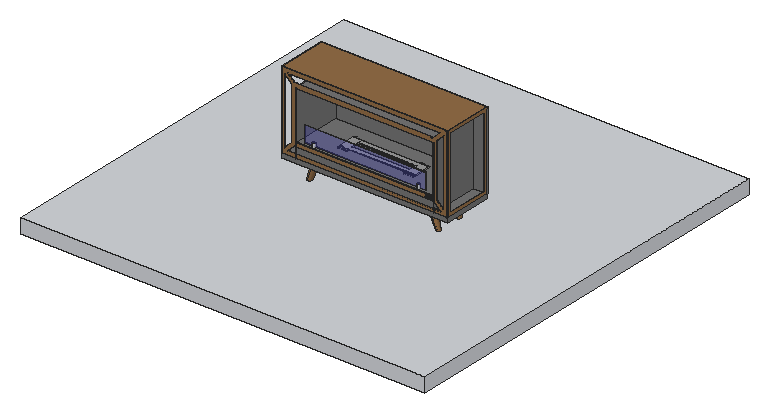
Revit family "Infire_Industrial", category Zabudowa, Revit 2018
Family settings
  Obiekt nadrzędny = Powierzchnia
  Numer OmniClass = 23.40.20.34.14
  Tytuł OmniClass = Fireplaces
  Tnij formami wycięć po wczytaniu = Nie
  Współdzielony = Nie
  Punkt obliczania pomieszczeń = Nie
Parameters (values of type "INDUSTRIAL")
  Wysokość szyby = 320 mm
  Wysokość = 470 mm
  Wymiary [instance] = "1000x470x300 mm"  # constant formula
  URL = "http://www.infire.pl/pl/produkty/industrial"
  Szkło = "Szyba hartowana 4 mm, przyciemniana"  # constant formula
  Szerokość szyby = 900 mm
  Szerokość paleniska = 300 mm
  Width = 1000 mm
  Płomień (wizualizacja) [instance] = no
  Producent = "INFIRE Biokominki"  # constant formula
  Palenisko [instance] = "500 mm = 1 l"  # constant formula
  Obraz typu = Infire_Industrial.jpg
  Montaż [instance] = "wolnostojący"  # constant formula
  Model = "INDUSTRIAL"  # constant formula
  Materiał (wkład) = INFIRE - czarny
  Materiał (szkło) = INFIRE - szkło
  Materiał (siatka) [instance] = INFIRE - siatka rdzawa
  Materiał (obudowa) = INFIRE - rdzawy
  Logo [instance] = yes
  Komentarze do typu = "Biokominek"  # constant formula
  IfcExportAs = "IfcSpaceHeaterType"  # constant formula
  Głębokość = 300 mm
  Gwarancja = "24 miesiące"  # constant formula
  Grubość paleniska = 140 mm
  Default Elevation = 1000 mm
  Czas spalania [instance] = "3-5 godzin"  # constant formula
Reference planes
  plane 1 "Środek (Przód/Tył)": y = 0
  plane 2: z = 0
  plane 3 "Środek (Lewa/Prawa)": x = 0
  plane 4 "C": x = -500
  plane 5 "D": x = 500
  plane 6: x = 380
  plane 7: x = -380
  plane 8: y = 40
  plane 9: y = -40
  plane 10: x = -320
  plane 11: x = 320
  plane 12: y = 55
  plane 13: y = -55
  plane 14: y = 59
  plane 15: y = 63
  plane 16: y = -59
  plane 17: y = -63
  plane 18: y = 67
  plane 19: y = -67
  plane 20: z = 0
  plane 21 "góra": z = 603.75
  plane 22 "b": y = 150
  plane 23 "a": y = -150
  plane 24: x = 415
  plane 25: x = -415
  plane 26: x = -230
  plane 27: x = 230
  plane 28: z = 370
  plane 29: z = 370
Forms (mm)
  Extrusion 1, solid
    sketch origin (0, 0, 0) x (1, 0, 0) y (0, 1, 0)
      loop
        line (-1219.2, 1219.2) -> (-1219.2, -1219.2) -> (1219.2, -1219.2) -> (1219.2, 1219.2) -> (-1219.2, 1219.2)
    from 0 to -87.5
  Extrusion 2, solid, material "INFIRE - czarny" <- "Materiał (wkład)", detail levels fine
    sketch origin (0, 0, 218.75) x (0, -1, 0) y (1, 0, 0)
      loop
        line (-40, -180) -> (40, -180) -> (40, 181.5) -> (-40, 181.5) -> (-40, -180)
      loop
        line (-55, -229.5) -> (-55, -170.5)
        arc (-55, -170.5) -> (-55.146, -170.146) -> (-55.5, -170) r 0.5
        line (-55.5, -170) -> (-58.5, -170)
        arc (-58.5, -170) -> (-58.854, -170.146) -> (-59, -170.5) r 0.5
        line (-59, -170.5) -> (-59, -229.5)
        arc (-59, -229.5) -> (-58.854, -229.854) -> (-58.5, -230) r 0.5
        line (-58.5, -230) -> (-55.5, -230)
        arc (-55.5, -230) -> (-55.146, -229.854) -> (-55, -229.5) r 0.5
      loop
        line (-63, -229.5) -> (-63, -170.5)
        arc (-63, -170.5) -> (-63.146, -170.146) -> (-63.5, -170) r 0.5
        line (-63.5, -170) -> (-66.5, -170)
        arc (-66.5, -170) -> (-66.854, -170.146) -> (-67, -170.5) r 0.5
        line (-67, -170.5) -> (-67, -229.5)
        arc (-67, -229.5) -> (-66.854, -229.854) -> (-66.5, -230) r 0.5
        line (-66.5, -230) -> (-63.5, -230)
        arc (-63.5, -230) -> (-63.146, -229.854) -> (-63, -229.5) r 0.5
      loop
        arc (55, -229.5) -> (55.146, -229.854) -> (55.5, -230) r 0.5
        line (55.5, -230) -> (58.5, -230)
        arc (58.5, -230) -> (58.854, -229.854) -> (59, -229.5) r 0.5
        line (59, -229.5) -> (59, -170.5)
        arc (59, -170.5) -> (58.854, -170.146) -> (58.5, -170) r 0.5
        line (58.5, -170) -> (55.5, -170)
        arc (55.5, -170) -> (55.146, -170.146) -> (55, -170.5) r 0.5
        line (55, -170.5) -> (55, -229.5)
      loop
        arc (63, -229.5) -> (63.146, -229.854) -> (63.5, -230) r 0.5
        line (63.5, -230) -> (66.5, -230)
        arc (66.5, -230) -> (66.854, -229.854) -> (67, -229.5) r 0.5
        line (67, -229.5) -> (67, -170.5)
        arc (67, -170.5) -> (66.854, -170.146) -> (66.5, -170) r 0.5
        line (66.5, -170) -> (63.5, -170)
        arc (63.5, -170) -> (63.146, -170.146) -> (63, -170.5) r 0.5
        line (63, -170.5) -> (63, -229.5)
      loop
        line (148.5, 415) -> (-148.5, 415) -> (-148.5, -415) -> (148.5, -415) -> (148.5, 415)
      loop
        arc (-55, 229.5) -> (-55.146, 229.854) -> (-55.5, 230) r 0.5
        line (-55.5, 230) -> (-58.5, 230)
        arc (-58.5, 230) -> (-58.854, 229.854) -> (-59, 229.5) r 0.5
        line (-59, 229.5) -> (-59, 170.5)
        arc (-59, 170.5) -> (-58.854, 170.146) -> (-58.5, 170) r 0.5
        line (-58.5, 170) -> (-55.5, 170)
        arc (-55.5, 170) -> (-55.146, 170.146) -> (-55, 170.5) r 0.5
        line (-55, 170.5) -> (-55, 229.5)
      loop
        arc (-63, 229.5) -> (-63.146, 229.854) -> (-63.5, 230) r 0.5
        line (-63.5, 230) -> (-66.5, 230)
        arc (-66.5, 230) -> (-66.854, 229.854) -> (-67, 229.5) r 0.5
        line (-67, 229.5) -> (-67, 170.5)
        arc (-67, 170.5) -> (-66.854, 170.146) -> (-66.5, 170) r 0.5
        line (-66.5, 170) -> (-63.5, 170)
        arc (-63.5, 170) -> (-63.146, 170.146) -> (-63, 170.5) r 0.5
        line (-63, 170.5) -> (-63, 229.5)
      loop
        line (55, 229.5) -> (55, 170.5)
        arc (55, 170.5) -> (55.146, 170.146) -> (55.5, 170) r 0.5
        line (55.5, 170) -> (58.5, 170)
        arc (58.5, 170) -> (58.854, 170.146) -> (59, 170.5) r 0.5
        line (59, 170.5) -> (59, 229.5)
        arc (59, 229.5) -> (58.854, 229.854) -> (58.5, 230) r 0.5
        line (58.5, 230) -> (55.5, 230)
        arc (55.5, 230) -> (55.146, 229.854) -> (55, 229.5) r 0.5
      loop
        line (63, 229.5) -> (63, 170.5)
        arc (63, 170.5) -> (63.146, 170.146) -> (63.5, 170) r 0.5
        line (63.5, 170) -> (66.5, 170)
        arc (66.5, 170) -> (66.854, 170.146) -> (67, 170.5) r 0.5
        line (67, 170.5) -> (67, 229.5)
        arc (67, 229.5) -> (66.854, 229.854) -> (66.5, 230) r 0.5
        line (66.5, 230) -> (63.5, 230)
        arc (63.5, 230) -> (63.146, 229.854) -> (63, 229.5) r 0.5
    from 0 to 4
  Extrusion 3, solid, material "INFIRE - czarny" <- "Materiał (wkład)", detail levels medium
    sketch origin (0, 0, 218.75) x (0, -1, 0) y (1, 0, 0)
      loop
        line (148.5, 415) -> (-148.5, 415) -> (-148.5, -415) -> (148.5, -415) -> (148.5, 415)
    from 0 to 4
  Extrusion 4, solid, material "INFIRE - rdzawy" <- "Materiał (obudowa)", detail levels medium
    sketch origin (0, -150, 0) x (1, 0, 0) y (0, 0, 1)
      loop
        line (500, 606.25) -> (-500, 606.25) -> (-500, 133.75) -> (500, 133.75) -> (500, 606.25)
      loop
        line (415, 218.75) -> (415, 518.75) -> (-415, 518.75) -> (-415, 218.75) -> (415, 218.75)
    from 0 to -1.5
  Extrusion 5, solid, material "INFIRE - rdzawy" <- "Materiał (obudowa)", detail levels medium
    sketch origin (-500, 0, 0) x (0, 1, 0) y (0, 0, 1)
      loop
        line (-150, 603.75) -> (-150, 133.75) -> (150, 133.75) -> (150, 603.75) -> (-150, 603.75)
    from 0 to 1.5
  Extrusion 6, solid, material "INFIRE - rdzawy" <- "Materiał (obudowa)", detail levels medium
    sketch origin (500, 0, 0) x (0, 1, 0) y (0, 0, 1)
      loop
        line (-150, 603.75) -> (-150, 133.75) -> (150, 133.75) -> (150, 603.75) -> (-150, 603.75)
    from -1.5 to 0
  Extrusion 7, solid, material "INFIRE - rdzawy" <- "Materiał (obudowa)", detail levels coarse
    sketch origin (0, 0, 9) x (0, 1, 0) y (-1, 0, 0)
      loop
        line (150, -500) -> (150, 500) -> (-150, 500) -> (-150, -500) -> (150, -500)
    from -9 to 597.25
  Blend 8, solid, material "INFIRE - rdzawy" <- "Materiał (obudowa)", detail levels medium+fine
    base sketch origin (0, 0, 9) x (0, 1, 0) y (-1, 0, 0)
      loop
        circle (-76.948, 387.627) r 12.5
    top sketch origin (0, 0, 9) x (0, 1, 0) y (-1, 0, 0)
      loop
        circle (-76.948, 350.354) r 20
    from -9 to 99.749
  Blend 9, solid, material "INFIRE - rdzawy" <- "Materiał (obudowa)", detail levels medium+fine
    base sketch origin (0, 0, 9) x (0, -1, 0) y (1, 0, 0)
      loop
        circle (-76.948, -387.627) r 12.5
    top sketch origin (0, 0, 9) x (0, -1, 0) y (1, 0, 0)
      loop
        circle (-76.948, -350.354) r 20
    from -9 to 99.749
  Blend 10, solid, material "INFIRE - rdzawy" <- "Materiał (obudowa)", detail levels medium+fine
    base sketch origin (0, 0, 9) x (0, 1, 0) y (-1, 0, 0)
      loop
        circle (-76.948, -387.627) r 12.5
    top sketch origin (0, 0, 9) x (0, 1, 0) y (-1, 0, 0)
      loop
        circle (-76.948, -350.354) r 20
    from -9 to 99.749
  Blend 11, solid, material "INFIRE - rdzawy" <- "Materiał (obudowa)", detail levels medium+fine
    base sketch origin (0, 0, 9) x (0, -1, 0) y (1, 0, 0)
      loop
        circle (-76.948, 387.627) r 12.5
    top sketch origin (0, 0, 9) x (0, -1, 0) y (1, 0, 0)
      loop
        circle (-76.948, 350.354) r 20
    from -9 to 99.749
  Extrusion 12, solid, material "INFIRE - czarny" <- "Materiał (wkład)", detail levels medium+fine
    sketch origin (0, 0, 108.749) x (-1, 0, 0) y (0, -1, 0)
      loop
        line (500, -150) -> (500, 150) -> (-500, 150) -> (-500, -150) -> (500, -150)
    from 0 to 25.001
  Extrusion 13, solid, material "INFIRE - czarny" <- "Materiał (wkład)", detail levels medium+fine
    sketch origin (0, 150, 0) x (1, 0, 0) y (0, 0, 1)
      loop
        line (-500, 603.75) -> (-500, 133.75) -> (500, 133.75) -> (500, 603.75) -> (-500, 603.75)
    from 0 to -1.5
  Extrusion 14, solid, material "INFIRE - rdzawy" <- "Materiał (obudowa)", detail levels medium+fine
    sketch origin (0, 0, 603.75) x (0, -1, 0) y (1, 0, 0)
      loop
        line (-150, -500) -> (150, -500) -> (150, 500) -> (-150, 500) -> (-150, -500)
    from 0 to 1.5
  Extrusion 15, solid, material "INFIRE - szkło" <- "Materiał (szkło)", detail levels medium+fine
    sketch origin (0, 45, 218.75) x (0, -1, 0) y (1, 0, 0)
      loop
        line (185, 365) -> (180, 365) -> (180, -365) -> (185, -365) -> (185, 365)
    from 9 to 109
  Extrusion 16, solid, material "INFIRE - czarny" <- "Materiał (wkład)", detail levels medium+fine
    sketch origin (0, 150, 0) x (1, 0, 0) y (0, 0, 1)
      loop
        line (415, 518.75) -> (415, 133.75) -> (416.5, 133.75) -> (416.5, 518.75) -> (415, 518.75)
      loop
        line (-416.5, 518.75) -> (-416.5, 133.75) -> (-415, 133.75) -> (-415, 518.75) -> (-416.5, 518.75)
    from 0 to 298.5
  Extrusion 17, solid, material "INFIRE - czarny" <- "Materiał (wkład)", detail levels medium+fine
    sketch origin (0, 150, 0) x (1, 0, 0) y (0, 0, 1)
      loop
        line (-415, 518.75) -> (415, 518.75) -> (415, 520.25) -> (-415, 520.25) -> (-415, 518.75)
    from 0 to 298.5
  Extrusion 18, solid, material "INFIRE - rdzawy" <- "Materiał (obudowa)", detail levels medium
    sketch origin (0, -150, 0) x (1, 0, 0) y (0, 0, 1)
      loop
        line (500, 606.25) -> (-500, 606.25) -> (-500, 133.75) -> (500, 133.75) -> (500, 606.25)
      loop
        line (415, 218.75) -> (415, 518.75) -> (-415, 518.75) -> (-415, 218.75) -> (415, 218.75)
    from 0 to -1.5
  Extrusion 19, solid, material "INFIRE - siatka rdzawa" <- "Materiał (siatka)", detail levels fine
    sketch origin (0, -150, 0) x (1, 0, 0) y (0, 0, 1)
      loop
        line (-479, 571.108) -> (-479, 168.892) -> (-436, 211.892) -> (-436, 528.108) -> (-479, 571.108)
      loop
        line (-419.358, 539.75) -> (419.358, 539.75) -> (462.358, 582.75) -> (-462.358, 582.75) -> (-419.358, 539.75)
      loop
        line (479, 168.892) -> (479, 571.108) -> (436, 528.108) -> (436, 211.892) -> (479, 168.892)
      loop
        line (-419.358, 200.25) -> (-462.358, 157.25) -> (462.358, 157.25) -> (419.358, 200.25) -> (-419.358, 200.25)
    from 0 to -1.5
  Extrusion 20, solid, material "INFIRE - rdzawy" <- "Materiał (obudowa)", detail levels fine
    sketch origin (0, -150, 0) x (1, 0, 0) y (0, 0, 1)
      loop
        line (-479, 571.108) -> (-479, 168.892) -> (-436, 211.892) -> (-436, 528.108) -> (-479, 571.108)
      loop
        line (-419.358, 539.75) -> (419.358, 539.75) -> (462.358, 582.75) -> (-462.358, 582.75) -> (-419.358, 539.75)
      loop
        line (479, 168.892) -> (479, 571.108) -> (436, 528.108) -> (436, 211.892) -> (479, 168.892)
      loop
        line (-419.358, 200.25) -> (-462.358, 157.25) -> (462.358, 157.25) -> (419.358, 200.25) -> (-419.358, 200.25)
      loop
        line (-415, 218.75) -> (415, 218.75) -> (415, 518.75) -> (-415, 518.75) -> (-415, 218.75)
      loop
        line (-500, 603.75) -> (-500, 133.75) -> (500, 133.75) -> (500, 603.75) -> (-500, 603.75)
    from 0 to -1.5
  Extrusion 21, solid, material "INFIRE - rdzawy" <- "Materiał (obudowa)", detail levels fine
    sketch origin (500, 0, 0) x (0, 1, 0) y (0, 0, 1)
      loop
        line (-150, 603.75) -> (-150, 133.75) -> (150, 133.75) -> (150, 603.75) -> (-150, 603.75)
      loop
        line (129, 154.75) -> (129, 584.25) -> (-130.5, 584.25) -> (-130.5, 154.75) -> (129, 154.75)
    from -1.5 to 0
  Extrusion 22, solid, material "INFIRE - siatka rdzawa" <- "Materiał (siatka)", detail levels fine
    sketch origin (500, 0, 0) x (0, 1, 0) y (0, 0, 1)
      loop
        line (129, 154.75) -> (129, 584.25) -> (-130.5, 584.25) -> (-130.5, 154.75) -> (129, 154.75)
    from -1.5 to 0
  Extrusion 23, solid, material "INFIRE - rdzawy" <- "Materiał (obudowa)", detail levels fine
    sketch origin (-500, 0, 0) x (0, 1, 0) y (0, 0, 1)
      loop
        line (-150, 603.75) -> (-150, 133.75) -> (150, 133.75) -> (150, 603.75) -> (-150, 603.75)
      loop
        line (-130.5, 584.25) -> (-130.5, 154.75) -> (129, 154.75) -> (129, 584.25) -> (-130.5, 584.25)
    from 0 to 1.5
  Extrusion 24, solid, material "INFIRE - siatka rdzawa" <- "Materiał (siatka)", detail levels fine
    sketch origin (-500, 0, 0) x (0, 1, 0) y (0, 0, 1)
      loop
        line (-130.5, 584.25) -> (-130.5, 154.75) -> (129, 154.75) -> (129, 584.25) -> (-130.5, 584.25)
    from 0 to 1.5
  Extrusion 25, solid, material "INFIRE - czarny" <- "Materiał (wkład)", detail levels medium+fine
    sketch origin (0, -150, 0) x (1, 0, 0) y (0, 0, 1)
      loop
        line (-415, 218.75) -> (-415, 133.75) -> (415, 133.75) -> (415, 218.75) -> (-415, 218.75)
    from -1.5 to -3
Dimensions and locks
  locked: plane 4 "C" to plane 7 at 120
  locked: plane 6 to plane 5 "D" at 120
  locked: plane 7 to plane 10 at 60
  locked: plane 11 to plane 6 at 60
  locked: plane 12 to plane 8 at 15
  locked: plane 9 to plane 13 at 15
  plane 15 to plane 14 to plane 12 = 4 mm locked, 4 mm locked
  plane 13 to plane 16 to plane 17 = 4 mm locked, 4 mm locked
  locked: plane 17 to plane 19 at 4
  locked: plane 18 to plane 15 at 4
  plane 4 "C" to plane 5 "D" = 1000 mm
  plane 4 "C" to plane 3 "Środek (Lewa/Prawa)" to plane 5 "D" = 500 mm, 500 mm
  plane 23 "a" to plane 22 "b" = 300 mm
  equal spacing: plane 23 "a", plane 1 "Środek (Przód/Tył)", plane 22 "b"
  plane 24 to plane 5 "D" = 85 mm
  plane 4 "C" to plane 25 = 85 mm
  plane 26 to plane 3 "Środek (Lewa/Prawa)" = 230 mm
  plane 3 "Środek (Lewa/Prawa)" to plane 27 = 230 mm
  Extrusion 4 to Extrusion 25 = 915 mm
  aligned and locked: plane 2 to Extrusion 1
  aligned and locked: level to Extrusion 1
  aligned and locked: Extrusion 2 sketch curve to plane 8
  aligned and locked: plane 9 to Extrusion 2 sketch curve
  aligned and locked: Extrusion 2 sketch curve to plane 12
  aligned and locked: Extrusion 2 sketch curve to plane 14
  aligned and locked: Extrusion 2 sketch curve to plane 18
  aligned and locked: Extrusion 2 sketch curve to plane 15
  aligned and locked: Extrusion 2 sketch curve to plane 13
  aligned and locked: Extrusion 2 sketch curve to plane 16
  aligned and locked: Extrusion 2 sketch curve to plane 17
  aligned and locked: Extrusion 2 sketch curve to plane 19
  aligned and locked: Extrusion 7 sketch curve to Extrusion 6
  aligned and locked: plane 24 to nested 5
  aligned and locked: nested 1 to plane 1 "Środek (Przód/Tył)"
  aligned and locked: plane 3 "Środek (Lewa/Prawa)" to nested 1
Automatic sketch dimensions
  Extrusion 1 sketch curve to Extrusion 1 sketch curve = 2438.4 mm  (x2)
  Extrusion 2 sketch curve to plane 18 = 0 mm
  Extrusion 2 sketch curve to plane 15 = 0 mm
  Extrusion 2 sketch curve to plane 14 = 0 mm  (x2)
  Extrusion 2 sketch curve to plane 12 = 0 mm
  Extrusion 2 sketch curve to plane 13 = 0 mm
  Extrusion 2 sketch curve to plane 16 = 0 mm
  Extrusion 2 sketch curve to plane 17 = 0 mm
  Extrusion 2 sketch curve to plane 19 = 0 mm
  plane 22 "b" to Extrusion 2 sketch curve = 1.5 mm
  Extrusion 2 sketch curve to plane 18 = 0.5 mm  (x4)
  plane 15 to Extrusion 2 sketch curve = 0.5 mm  (x3)
  Extrusion 2 sketch curve to Extrusion 2 sketch curve = 0.5 mm  (x18)
  Extrusion 2 sketch curve to plane 14 = 0.5 mm  (x3)
  plane 12 to Extrusion 2 sketch curve = 0.5 mm
  Extrusion 2 sketch curve to plane 13 = 0.5 mm  (x3)
  plane 16 to Extrusion 2 sketch curve = 0.5 mm
  Extrusion 2 sketch curve to plane 17 = 0.5 mm  (x2)
  plane 19 to Extrusion 2 sketch curve = 0.5 mm  (x2)
  Extrusion 2 sketch curve to plane 23 "a" = 1.5 mm
  Extrusion 2 sketch curve to plane 10 = 95 mm
  plane 10 to Extrusion 2 sketch curve = 90 mm  (x2)
  Extrusion 2 sketch curve to Extrusion 2 sketch curve = 49.5 mm
  Extrusion 2 sketch curve to Extrusion 2 sketch curve = 9.5 mm  (x2)
  Extrusion 2 sketch curve to Extrusion 2 sketch curve = 0 mm  (x4)
  Extrusion 2 sketch curve to plane 11 = 150 mm
  Extrusion 2 sketch curve to Extrusion 2 sketch curve = 11 mm
  Extrusion 2 sketch curve to Extrusion 2 sketch curve = 48 mm  (x2)
  plane 11 to Extrusion 2 sketch curve = 95 mm
  plane 22 "b" to Extrusion 3 sketch curve = 1.5 mm
  Extrusion 3 sketch curve to plane 23 "a" = 1.5 mm
  Extrusion 4 sketch curve to plane 4 "C" = 0 mm
  Extrusion 4 sketch curve to plane 5 "D" = 0 mm
  plane 21 "góra" to Extrusion 4 sketch curve = 85 mm
  Extrusion 4 sketch curve to plane 21 "góra" = 2.5 mm
  Extrusion 5 sketch curve to plane 23 "a" = 0 mm
  plane 21 "góra" to Extrusion 5 sketch curve = 0 mm
  Extrusion 5 sketch curve to plane 22 "b" = 0 mm
  Extrusion 6 sketch curve to plane 23 "a" = 0 mm
  plane 21 "góra" to Extrusion 6 sketch curve = 0 mm
  Extrusion 6 sketch curve to plane 22 "b" = 0 mm
  plane 23 "a" to Extrusion 7 sketch curve = 0 mm
  plane 22 "b" to Extrusion 7 sketch curve = 0 mm
  Extrusion 7 sketch curve to plane 4 "C" = 0 mm
  plane 22 "b" to Blend 9 sketch curve = 73.052 mm  (x2)
  plane 22 "b" to Blend 11 sketch curve = 73.052 mm  (x2)
  Extrusion 12 sketch curve to plane 5 "D" = 0 mm
  Extrusion 12 sketch curve to plane 4 "C" = 0 mm
  plane 22 "b" to Extrusion 12 sketch curve = 0 mm
  plane 23 "a" to Extrusion 12 sketch curve = 0 mm
  Extrusion 13 sketch curve to plane 4 "C" = 0 mm
  Extrusion 13 sketch curve to plane 5 "D" = 0 mm
  Extrusion 13 sketch curve to plane 21 "góra" = 0 mm
  Extrusion 14 sketch curve to plane 5 "D" = 0 mm
  plane 22 "b" to Extrusion 14 sketch curve = 0 mm
  Extrusion 14 sketch curve to plane 4 "C" = 0 mm
  plane 23 "a" to Extrusion 14 sketch curve = 0 mm
  Extrusion 15 sketch curve to Extrusion 15 sketch curve = 5 mm
  plane 21 "góra" to Extrusion 17 sketch curve = 83.5 mm
  Extrusion 17 sketch curve to Extrusion 17 sketch curve = 1.5 mm
  Extrusion 17 sketch curve to plane 24 = 0 mm
  Extrusion 17 sketch curve to plane 25 = 0 mm
  Extrusion 18 sketch curve to plane 4 "C" = 0 mm
  Extrusion 18 sketch curve to plane 25 = 0 mm
  Extrusion 18 sketch curve to plane 24 = 0 mm
  Extrusion 18 sketch curve to plane 5 "D" = 0 mm
  plane 21 "góra" to Extrusion 18 sketch curve = 85 mm
  Extrusion 18 sketch curve to plane 21 "góra" = 2.5 mm
  plane 4 "C" to Extrusion 19 sketch curve = 21 mm
  Extrusion 19 sketch curve to Extrusion 19 sketch curve = 16.642 mm  (x4)
  Extrusion 19 sketch curve to plane 25 = 21 mm
  Extrusion 19 sketch curve to plane 25 = 4.358 mm  (x2)
  plane 24 to Extrusion 19 sketch curve = 4.358 mm  (x2)
  Extrusion 19 sketch curve to plane 5 "D" = 37.642 mm  (x2)
  Extrusion 19 sketch curve to Extrusion 19 sketch curve = 11.642 mm  (x5)
  plane 21 "góra" to Extrusion 19 sketch curve = 75.642 mm  (x2)
  plane 21 "góra" to Extrusion 19 sketch curve = 32.642 mm  (x2)
  plane 4 "C" to Extrusion 20 sketch curve = 21 mm
  Extrusion 20 sketch curve to Extrusion 20 sketch curve = 16.642 mm  (x4)
  Extrusion 20 sketch curve to plane 25 = 21 mm
  Extrusion 20 sketch curve to plane 25 = 4.358 mm  (x2)
  plane 24 to Extrusion 20 sketch curve = 4.358 mm  (x2)
  Extrusion 20 sketch curve to plane 5 "D" = 37.642 mm  (x2)
  Extrusion 20 sketch curve to Extrusion 20 sketch curve = 11.642 mm  (x4)
  plane 21 "góra" to Extrusion 20 sketch curve = 75.642 mm  (x2)
  plane 21 "góra" to Extrusion 20 sketch curve = 32.642 mm  (x2)
  Extrusion 20 sketch curve to plane 4 "C" = 0 mm
  Extrusion 20 sketch curve to plane 25 = 0 mm
  Extrusion 20 sketch curve to plane 5 "D" = 0 mm
  Extrusion 20 sketch curve to plane 21 "góra" = 0 mm
  Extrusion 20 sketch curve to Extrusion 20 sketch curve = 21 mm
  Extrusion 20 sketch curve to plane 24 = 0 mm
  Extrusion 21 sketch curve to plane 23 "a" = 0 mm
  plane 21 "góra" to Extrusion 21 sketch curve = 0 mm
  Extrusion 21 sketch curve to plane 22 "b" = 0 mm
  plane 22 "b" to Extrusion 21 sketch curve = 21 mm
  plane 21 "góra" to Extrusion 21 sketch curve = 19.5 mm
  plane 22 "b" to Extrusion 22 sketch curve = 21 mm
  plane 21 "góra" to Extrusion 22 sketch curve = 19.5 mm
  Extrusion 23 sketch curve to plane 23 "a" = 0 mm
  Extrusion 23 sketch curve to plane 22 "b" = 0 mm
  Extrusion 23 sketch curve to Extrusion 23 sketch curve = 19.5 mm
  plane 21 "góra" to Extrusion 23 sketch curve = 0 mm
  plane 22 "b" to Extrusion 23 sketch curve = 21 mm
  plane 22 "b" to Extrusion 24 sketch curve = 21 mm
  plane 21 "góra" to Extrusion 24 sketch curve = 19.5 mm
  Extrusion 16 sketch curve to plane 25 = 0 mm
  Extrusion 16 sketch curve to plane 24 = 0 mm
  Extrusion 16 sketch curve to Extrusion 16 sketch curve = 1.5 mm
  plane 21 "góra" to Extrusion 16 sketch curve = 85 mm  (x2)
  plane 24 to Extrusion 16 sketch curve = 1.5 mm
  Extrusion 25 sketch curve to plane 25 = 0 mm
  Extrusion 25 sketch curve to plane 24 = 0 mm
  Extrusion 3 sketch curve to plane 25 = 0 mm
  Extrusion 3 sketch curve to plane 24 = 0 mm
  Extrusion 4 sketch curve to plane 25 = 0 mm
  Extrusion 4 sketch curve to plane 24 = 0 mm
  plane 25 to Blend 8 sketch curve = 27.373 mm
  plane 25 to Blend 8 sketch curve = 64.646 mm
  plane 25 to Blend 9 sketch curve = 27.373 mm
  plane 25 to Blend 9 sketch curve = 64.646 mm
  Blend 10 sketch curve to plane 24 = 27.373 mm
  Blend 10 sketch curve to plane 24 = 64.646 mm
  Blend 11 sketch curve to plane 24 = 27.373 mm
  Blend 11 sketch curve to plane 24 = 64.646 mm
  plane 25 to Extrusion 15 sketch curve = 50 mm
  Extrusion 15 sketch curve to plane 24 = 50 mm
  Blend 8 sketch curve to plane 23 "a" = 73.052 mm  (x2)
  Blend 10 sketch curve to plane 23 "a" = 73.052 mm  (x2)
  Extrusion 15 sketch curve to plane 23 "a" = 15 mm
  Extrusion 21 sketch curve to plane 23 "a" = 19.5 mm
  Extrusion 22 sketch curve to plane 23 "a" = 19.5 mm
  Extrusion 23 sketch curve to plane 23 "a" = 19.5 mm
  Extrusion 24 sketch curve to plane 23 "a" = 19.5 mm
  level to Extrusion 4 sketch curve = 218.75 mm
  Extrusion 4 sketch curve to Extrusion 4 sketch curve = 85 mm
  level to Extrusion 5 sketch curve = 133.75 mm
  level to Extrusion 6 sketch curve = 133.75 mm
  level to Extrusion 13 sketch curve = 133.75 mm
  level to Extrusion 16 sketch curve = 133.75 mm  (x2)
  level to Extrusion 18 sketch curve = 218.75 mm
  Extrusion 18 sketch curve to Extrusion 18 sketch curve = 85 mm
  plane 28 to Extrusion 19 sketch curve = 158.108 mm  (x2)
  Extrusion 19 sketch curve to Extrusion 19 sketch curve = 43 mm
  plane 29 to Extrusion 20 sketch curve = 151.25 mm
  Extrusion 20 sketch curve to Extrusion 20 sketch curve = 6.858 mm  (x2)
  Extrusion 20 sketch curve to Extrusion 20 sketch curve = 18.5 mm
  Extrusion 20 sketch curve to Extrusion 20 sketch curve = 43 mm
  Extrusion 20 sketch curve to Extrusion 20 sketch curve = 35.142 mm
  level to Extrusion 21 sketch curve = 154.75 mm
  Extrusion 21 sketch curve to Extrusion 21 sketch curve = 21 mm
  level to Extrusion 22 sketch curve = 154.75 mm
  level to Extrusion 23 sketch curve = 154.75 mm
  Extrusion 23 sketch curve to Extrusion 23 sketch curve = 21 mm
  level to Extrusion 24 sketch curve = 154.75 mm
  level to Extrusion 25 sketch curve = 133.75 mm
  Extrusion 25 sketch curve to Extrusion 25 sketch curve = 85 mm
  radius of Blend 8 sketch curve = 12.5 mm
  radius of Blend 8 sketch curve = 20 mm
  radius of Blend 9 sketch curve = 12.5 mm
  radius of Blend 9 sketch curve = 20 mm
  radius of Blend 10 sketch curve = 12.5 mm
  radius of Blend 10 sketch curve = 20 mm
  radius of Blend 11 sketch curve = 12.5 mm
  radius of Blend 11 sketch curve = 20 mm
Nested families
  nested 1: "Oznaczenie na rzucie" at (0, -150, 9), B <- "Głębokość", type "Oznaczenie na rzucie"
    with B 300 mm, A 1000 mm
  nested 2: "Infire_Mocowanie 2" at (-315, -137.5, 222.75) x (0, -1, 0) z (0, 0, 1), Materiał <- "Materiał (obudowa)", type "Infire_Mocowanie 2", detail levels fine
    with Materiał INFIRE - rdzawy
  nested 3: "Infire_Mocowanie 2" at (315, -137.5, 222.75) x (0, -1, 0) z (0, 0, 1), Materiał <- "Materiał (obudowa)", type "Infire_Mocowanie 2", detail levels fine
    with Materiał INFIRE - rdzawy
  nested 4: "Infire_Palnik 1" at (0, 0, 222.75), Wizualizacja <- "Płomień (wizualizacja)", type "Infire_Palnik 1", detail levels medium+fine
    with Wizualizacja no, Szerokość 460 mm, Materiał INFIRE - stal, Głębokość 100 mm
  nested 5: "Infire_logo" at (391.375, -150, 208.75) x (1, 0, 0) z (0, -1, 0), visible <- "Logo", type "Infire_logo", detail levels medium+fine
Definition of nested family "Infire_Mocowanie 2"
  Parameters (values of type "Mocowanie 2")
    Materiał [instance] = none
    Default Elevation = 1219.2 mm
  Reference planes
    plane 1 "Środek (Przód/Tył)": y = 0
    plane 2: z = 0
    plane 3 "Środek (Lewa/Prawa)": x = 0
    plane 4: z = 5
    plane 5: z = 25
    plane 6: z = 12.5
  Forms (mm)
    Extrusion 1, solid
      sketch origin (0, 0, 0) x (1, 0, 0) y (0, 1, 0)
        loop
          line (-1219.2, 1219.2) -> (-1219.2, -1219.2) -> (1219.2, -1219.2) -> (1219.2, 1219.2) -> (-1219.2, 1219.2)
      from 0 to -304.8
    Extrusion 2, solid
      sketch origin (0, 0, 0) x (1, 0, 0) y (0, 1, 0)
        loop
          circle (0, 0) r 7.5
        loop
          circle (0, 0) r 1.5
      from 0 to 25
    Extrusion 3, void
      sketch origin (0, 0, 0) x (1, 0, 0) y (0, 1, 0)
        loop
          arc (2.5, 7.071) -> (0, 7.5) -> (-2.5, 7.071) r 7.5
          line (-2.5, 7.071) -> (-2.5, -7.071)
          arc (-2.5, -7.071) -> (0, -7.5) -> (2.5, -7.071) r 7.5
          line (2.5, -7.071) -> (2.5, 7.071)
      from 5 to 25
  Cuts and joins
    Extrusion 3 cuts Extrusion 2
  Dimensions and locks
    locked: plane 4 to level at 5
    equal spacing: plane 5, plane 6, level
    aligned and locked: plane 2 to Extrusion 1
    aligned and locked: level to Extrusion 1
  Automatic sketch dimensions
    Extrusion 1 sketch curve to Extrusion 1 sketch curve = 2438.4 mm  (x2)
    Extrusion 2 sketch curve to Extrusion 2 sketch curve = 0 mm  (x2)
    plane 1 "Środek (Przód/Tył)" to Extrusion 2 sketch curve = 0 mm
    Extrusion 2 sketch curve to plane 3 "Środek (Lewa/Prawa)" = 0 mm
    Extrusion 3 sketch curve to Extrusion 3 sketch curve = 0 mm  (x2)
    plane 1 "Środek (Przód/Tył)" to Extrusion 3 sketch curve = 0 mm
    Extrusion 3 sketch curve to plane 3 "Środek (Lewa/Prawa)" = 0 mm
    Extrusion 3 sketch curve to plane 3 "Środek (Lewa/Prawa)" = 2.5 mm
    plane 3 "Środek (Lewa/Prawa)" to Extrusion 3 sketch curve = 2.5 mm
    plane 1 "Środek (Przód/Tył)" to Extrusion 3 sketch curve = 7.071 mm
    Extrusion 3 sketch curve to plane 1 "Środek (Przód/Tył)" = 7.071 mm
    radius of Extrusion 2 sketch curve = 7.5 mm
    radius of Extrusion 2 sketch curve = 1.5 mm
Definition of nested family "Infire_Palnik 1"
  Parameters (values of type "Infire_Palnik 1")
    Wizualizacja [instance] = yes
    Szerokość [instance] = 295 mm
    Materiał [instance] = none
    Głębokość 2 = 147 mm
    Głębokość [instance] = 147 mm
    Default Elevation = 1219.2 mm
  Reference planes
    plane 1 "Środek (Przód/Tył)": y = 0
    plane 2: z = 0
    plane 3 "Środek (Lewa/Prawa)": x = 0
    plane 4: x = -147.5
    plane 5: x = 147.5
    plane 6: y = 73.5
    plane 7: y = -73.5
    plane 8: x = 37.5
    plane 9: x = -37.5
    plane 10: y = -25
    plane 11 "-1": z = -15
  Forms (mm)
    Extrusion 1, solid
      sketch origin (0, 0, 0) x (1, 0, 0) y (0, 1, 0)
        loop
          line (-1219.2, 1219.2) -> (-1219.2, -1219.2) -> (1219.2, -1219.2) -> (1219.2, 1219.2) -> (-1219.2, 1219.2)
      from 0 to -13.5
    Extrusion 2, solid, material <- "Materiał", detail levels fine
      sketch origin (0, 0, 0) x (1, 0, 0) y (0, 1, 0)
        loop
          line (147.5, -73.5) -> (147.5, 73.5) -> (-147.5, 73.5) -> (-147.5, -73.5) -> (147.5, -73.5)
        loop
          line (-92.5, -25) -> (92.5, -25) -> (92.5, 25) -> (-92.5, 25) -> (-92.5, -25)
      from 0 to 4
    Extrusion 3, solid, material <- "Materiał", detail levels medium
      sketch origin (0, 0, 0) x (1, 0, 0) y (0, 1, 0)
        loop
          line (147.5, -73.5) -> (147.5, 73.5) -> (-147.5, 73.5) -> (-147.5, -73.5) -> (147.5, -73.5)
      from 0 to 4
    Extrusion 4, solid, visible <- "Wizualizacja"
      sketch origin (0, 0, 0) x (1, 0, 0) y (0, 1, 0)
        loop
          line (92.5, -25) -> (92.5, -20) -> (-92.5, -20) -> (-92.5, -25) -> (92.5, -25)
      from 0 to 73.802
    Extrusion 5, void
      sketch origin (0, 0, -15) x (0, 1, 0) y (-1, 0, 0)
        loop
          line (-25, 92.5) -> (-25, -92.5) -> (25, -92.5) -> (25, 92.5) -> (-25, 92.5)
      from 0 to 15
  Dimensions and locks
    equal spacing: plane 4, plane 3 "Środek (Lewa/Prawa)", plane 5
    "Szerokość": plane 4 to plane 5
    locked: plane 4 to Extrusion 2 sketch curve at 55
    locked: Extrusion 2 sketch curve to plane 5 at 55
    locked: plane 8 to plane 5 at 110
    locked: plane 4 to plane 9 at 110
    "Głębokość": plane 6 to plane 7
    equal spacing: Extrusion 2 sketch curve, plane 1 "Środek (Przód/Tył)", Extrusion 2 sketch curve
    Extrusion 2 sketch curve to plane 1 "Środek (Przód/Tył)" = 25 mm
    locked: plane 10 to plane 1 "Środek (Przód/Tył)" at 25
    locked: plane 2 to plane 11 "-1" at 15
    equal spacing: plane 6, plane 1 "Środek (Przód/Tył)", plane 7
    aligned and locked: plane 2 to Extrusion 1
    aligned and locked: level to Extrusion 1
    aligned and locked: Extrusion 2 sketch curve to plane 4
    aligned and locked: Extrusion 4 sketch curve to plane 10
    aligned and locked: Extrusion 5 sketch curve to Extrusion 2  (x3)
    aligned and locked: Extrusion 5 sketch curve to plane 10
  Automatic sketch dimensions
    Extrusion 1 sketch curve to Extrusion 1 sketch curve = 2438.4 mm  (x2)
    Extrusion 2 sketch curve to plane 5 = 0 mm
    Extrusion 3 sketch curve to plane 4 = 0 mm
    Extrusion 3 sketch curve to plane 5 = 0 mm
    Extrusion 3 sketch curve to plane 7 = 0 mm
    Extrusion 3 sketch curve to plane 6 = 0 mm
    Extrusion 2 sketch curve to plane 7 = 0 mm
    Extrusion 2 sketch curve to plane 6 = 0 mm
    plane 5 to Extrusion 4 sketch curve = 55 mm
    Extrusion 4 sketch curve to plane 4 = 55 mm
    Extrusion 4 sketch curve to Extrusion 4 sketch curve = 5 mm
Definition of nested family "Infire_logo"
  Parameters (values of type "Infire_logo")
    Default Elevation = 1219.2 mm
  Reference planes
    plane 1 "Środek (Przód/Tył)": y = 0
    plane 2: z = 0
    plane 3 "Środek (Lewa/Prawa)": x = 0
    plane 4: y = 10
    plane 5: y = -10
  Forms (mm)
    Extrusion 1, solid
      sketch origin (0, 0, 0) x (1, 0, 0) y (0, 1, 0)
        loop
          line (-1219.2, 1219.2) -> (-1219.2, -1219.2) -> (1219.2, -1219.2) -> (1219.2, 1219.2) -> (-1219.2, 1219.2)
      from 0 to -304.8
    Extrusion 2, solid
      sketch origin (0, 0, 0) x (1, 0, 0) y (0, 1, 0)
        loop
          line (-23.457, -4.055) -> (-19.577, -4.055) -> (-15.501, 3.946) -> (-19.607, 3.946) -> (-23.457, -4.055)
        loop
          line (-18.788, -4.055) -> (-14.806, -4.055) -> (-12.978, -0.467) -> (-12.978, -4.055) -> (-9.021, -4.055) -> (-5.003, 3.946) -> (-9.072, 3.946) -> (-10.881, 0.395) -> (-10.881, 3.946) -> (-14.711, 3.946) -> (-18.788, -4.055)
        loop
          line (-11.481, -8.8) -> (-10.316, -6.48) -> (-14.384, -6.48) -> (-16.178, -10) -> (-7.26, -10) -> (0.063, 4.585) -> (0.958, 4.585) -> (1.479, 5.624) -> (0.507, 5.624) -> (2.057, 8.712) -> (2.877, 8.712) -> (1.701, 6.371) -> (5.709, 6.371) -> (7.531, 10) -> (-1.241, 10) -> (-3.438, 5.624) -> (-4.522, 5.624) -> (-5.044, 4.585) -> (-3.959, 4.585) -> (-10.681, -8.8) -> (-11.481, -8.8)
        loop
          line (-3.534, -4.055) -> (0.474, -4.055) -> (4.491, 3.946) -> (0.483, 3.946) -> (-3.534, -4.055)
        loop
          line (1.113, -4.055) -> (5.172, -4.055) -> (8.557, 2.685) -> (9.368, 2.685) -> (8.194, 0.346) -> (12.194, 0.346) -> (14.001, 3.946) -> (5.131, 3.946) -> (1.113, -4.055)
        loop
          line (10.646, -4.055) -> (19.607, -4.055) -> (21.479, -0.327) -> (17.394, -0.327) -> (16.1, -2.904) -> (15.278, -2.904) -> (16.91, 0.346) -> (21.817, 0.346) -> (23.625, 3.946) -> (14.663, 3.946) -> (10.646, -4.055)
        loop
          line (18.084, 2.685) -> (17.47, 1.463) -> (18.292, 1.463) -> (18.906, 2.685) -> (18.084, 2.685)
      from 0 to 2
  Dimensions and locks
    aligned and locked: plane 2 to Extrusion 1
    aligned and locked: level to Extrusion 1
Definition of nested family "Oznaczenie na rzucie"
  Parameters (values of type "Oznaczenie na rzucie")
    B [instance] = 800 mm
    A [instance] = 1000 mm
  Reference planes
    plane 1 "Środek (Przód/Tył)": y = 0
    plane 2: z = 0
    plane 3 "Środek (Lewa/Prawa)": x = 0
    plane 4: y = 800
    plane 5: y = 400
    plane 6: x = -500
    plane 7: x = 500
  Lines and regions (mm)
    Masking region 1, in view "Poziom odniesienia"
      outline origin (0, 0, 0) x (1, 0, 0) y (0, 1, 0)
        loop
          line (-500, 800) -> (-500, 0) -> (500, 0) -> (500, 800) -> (-500, 800)
    detail lines, in view "Poziom odniesienia"
      curve 1: line (-500, 0, 0) -> (0, 800, 0)
      curve 2: line (500, 0, 0) -> (0, 800, 0)
  Dimensions and locks
    "B": plane 4 to plane 1 "Środek (Przód/Tył)"
    "A": plane 6 to plane 7
    equal spacing: plane 1 "Środek (Przód/Tył)", plane 5, plane 4
    equal spacing: plane 6, plane 3 "Środek (Lewa/Prawa)", plane 7
    aligned and locked: Masking region 1 sketch curve to plane 6
    aligned and locked: Masking region 1 sketch curve to plane 7
    aligned and locked: Masking region 1 sketch curve to plane 4
    aligned and locked: Masking region 1 sketch curve to plane 1 "Środek (Przód/Tył)"
    aligned and locked: plane 4 to curve 2
    aligned and locked: plane 7 to curve 2
    aligned and locked: plane 1 "Środek (Przód/Tył)" to curve 2
    aligned and locked: plane 6 to curve 1
    aligned and locked: plane 1 "Środek (Przód/Tył)" to curve 1
  Automatic sketch dimensions
    curve 2 to plane 3 "Środek (Lewa/Prawa)" = 0 mm
